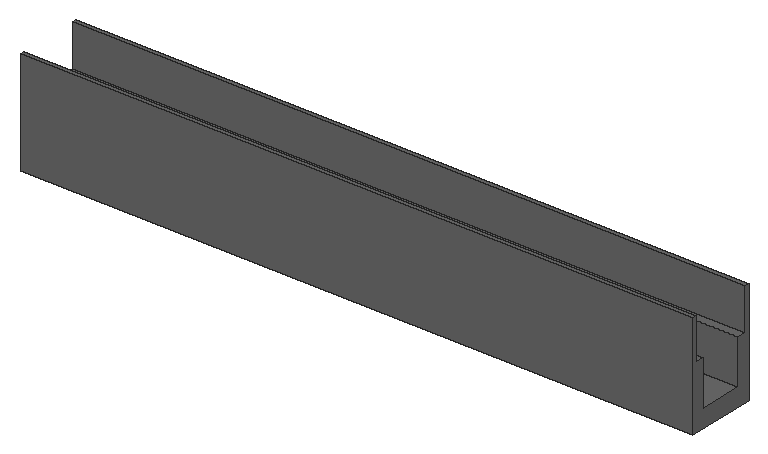
Revit family "ARKOSLIGHT_Track Black Foster Micro Custom Surface", category Lighting Fixtures, host Face, Revit 2019
Family settings
  Host = Face
  Round Connector Dimension = Use Diameter
  Part Type = Normal
  Cut with Voids When Loaded = No
  Light Source = No
  Shared = No
  Room Calculation Point = No
Parameters (values of type "A4500X00NT - BLACK FOSTER MICRO CUSTOM SURFACE XM NT")
  URL = "https://www.arkoslight.com/en/product/bfmsura-es/"
  Model = ARKOSLIGHT_Model  # "ACCESSORIES"
  Manufacturer = "ARKOSLIGHT"  # constant formula
  Length [instance] = 250 mm
  Description = "Select the number and length of profiles suitable for the defined length. End cap kit not included"
  ARKOSLIGHT_Series = "BLACK FOSTER MICRO CUSTOM SURFACE ACCESSORIES"  # constant formula
  ARKOSLIGHT_Reference = "A4500X00NT"
  ARKOSLIGHT_Model = "ACCESSORIES"  # constant formula
  ARKOSLIGHT_Initial Cap [instance] = no
  ARKOSLIGHT_End Cap [instance] = no
  ARKOSLIGHT_Dimming = "Yes"  # constant formula
  ARKOSLIGHT_Color = "Textured black"
  ARKOSLIGHT_Fixture Type = "ACCESSORIES"  # constant formula
  Default Elevation = 0 mm
  Apparent Load = 4.2 VA
  ARKOSLIGHT_Body Color = ARKOSLIGHT_Textured black
Types (2, lengths in mm): name | ARKOSLIGHT_Reference | ARKOSLIGHT_Color | ARKOSLIGHT_Body Color
  A4500X00NT - BLACK FOSTER MICRO CUSTOM SURFACE XM NT | "A4500X00NT" | "Textured black" | ARKOSLIGHT_Textured black
  A4500X00WT - BLACK FOSTER MICRO CUSTOM SURFACE XM WT | "A4500X00WT" | "Textured white" | ARKOSLIGHT_Textured white
Reference planes
  plane 1 "Center (Front/Back)": y = 0
  plane 2: z = 0
  plane 3 "Center (Left/Right)": x = 0
  plane 4: x = 125
  plane 5: x = -125
  plane 6: y = 13
  plane 7: y = -13
  plane 8: z = 39
  plane 9: z = 23.44
  plane 10: x = 127.5
  plane 11: x = -127.5
Forms (mm)
  Extrusion 1, solid, material "ARKOSLIGHT_Textured black" <- "ARKOSLIGHT_Body Color"
    sketch origin (-125, -221.408, 1227.436) x (0, -1, 0) y (0, 0, -1)
      loop
        line (-234.408, 1188.436) -> (-232.708, 1188.436) -> (-232.708, 1203.996) -> (-229.558, 1203.996) -> (-229.558, 1220.896) -> (-213.258, 1220.896) -> (-213.258, 1203.996) -> (-210.108, 1203.996) -> (-210.108, 1188.436) -> (-208.408, 1188.436) -> (-208.408, 1227.436) -> (-234.408, 1227.436) -> (-234.408, 1188.436)
    from 0 to 250
  Extrusion 2, solid, material "ARKOSLIGHT_Textured black" <- "ARKOSLIGHT_Body Color", visible <- "ARKOSLIGHT_End Cap"
    sketch origin (0, 0, 0) x (1, 0, 0) y (0, 1, 0)
      loop
        line (125, 13) -> (125, -13) -> (127.5, -13) -> (127.5, 13) -> (125, 13)
    from 0 to 39
  Extrusion 3, solid, material "ARKOSLIGHT_Textured black" <- "ARKOSLIGHT_Body Color", visible <- "ARKOSLIGHT_Initial Cap"
    sketch origin (0, 0, 0) x (1, 0, 0) y (0, 1, 0)
      loop
        line (-127.5, 13) -> (-127.5, -13) -> (-125, -13) -> (-125, 13) -> (-127.5, 13)
    from 0 to 39
Dimensions and locks
  "Length": plane 5 to plane 4
  equal spacing: plane 5, plane 3 "Center (Left/Right)", plane 4
  plane 6 to plane 1 "Center (Front/Back)" to plane 7 = 13 mm, 13 mm
  locked: plane 6 to plane 7 at 26
  locked: plane 8 to plane 2 at 39
  equal spacing: Extrusion 1 sketch curve, plane 1 "Center (Front/Back)", Extrusion 1 sketch curve
  locked: Extrusion 1 sketch curve to Extrusion 1 sketch curve at 16.3
  locked: plane 4 to plane 10 at 2.5
  locked: plane 11 to plane 5 at 2.5
  aligned and locked: plane 2 to host face
  aligned and locked: level to host face
  aligned and locked: Extrusion 1 to plane 4
  aligned and locked: plane 9 to Extrusion 1 sketch curve
  aligned and locked: Extrusion 1 sketch curve to plane 9
  aligned and locked: Extrusion 2 sketch curve to Extrusion 1  (x2)
  aligned and locked: Extrusion 2 sketch curve to plane 7
  aligned and locked: plane 10 to Extrusion 2 sketch curve
  aligned and locked: Extrusion 3 sketch curve to plane 6
  aligned and locked: plane 11 to Extrusion 3 sketch curve
  aligned and locked: Extrusion 3 sketch curve to Extrusion 1  (x2)
  aligned and locked: plane 8 to Extrusion 2
  aligned and locked: Extrusion 2 to plane 2
  aligned and locked: Extrusion 3 to plane 2
  aligned and locked: plane 8 to Extrusion 3
  aligned and locked: plane 8 to Extrusion 1 sketch curve  (x2)
Automatic sketch dimensions
  host sketch curve to host sketch curve = 486.772 mm
  host sketch curve to host sketch curve = 1105.173 mm
  Extrusion 1 sketch curve to level = 0 mm
  Extrusion 1 sketch curve to plane 6 = 0 mm
  Extrusion 1 sketch curve to level = 6.54 mm
  Extrusion 1 sketch curve to plane 7 = 0 mm
  plane 6 to Extrusion 1 sketch curve = 1.7 mm
  plane 7 to Extrusion 1 sketch curve = 1.7 mm
